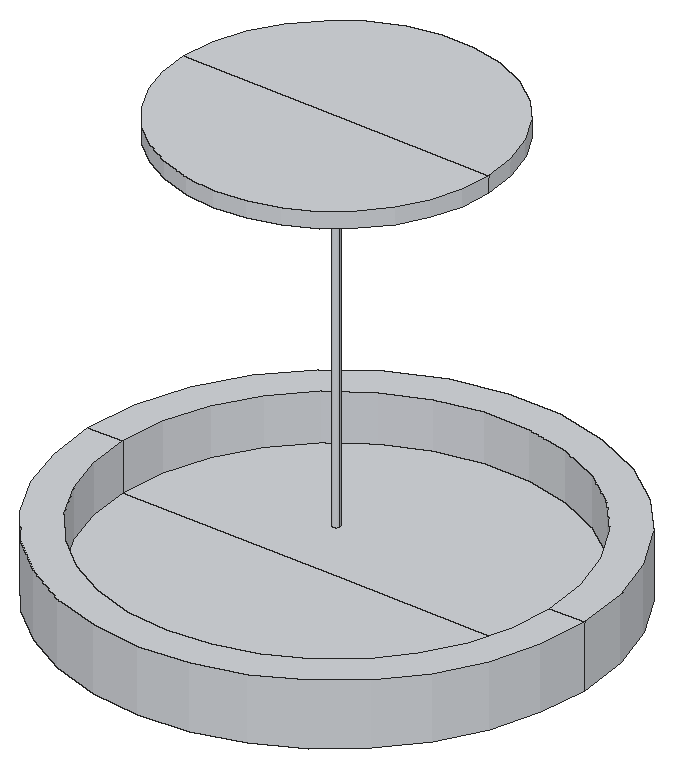
Revit family "Alcon-12182-P-7-Revit-Family", category Lighting Fixtures, host Ceiling, Revit 2021
Family settings
  Host = Ceiling
  Round Connector Dimension = Use Diameter
  Part Type = Normal
  Always vertical = Yes
  Cut with Voids When Loaded = No
  Light Source = Yes
  Shared = No
  Room Calculation Point = No
Parameters
  Wattage = 9.2903 W
  built-in parameter 1150110 = 1 (stored number, unit not read)
  built-in parameter 1114217 = 1 (stored number, unit not read)
  built-in parameter 1150109 = 1 (stored number, unit not read)
  built-in parameter 1150134 = 3
  built-in parameter 1150113 = 1 (stored number, unit not read)
  Product Identity = "Alcon Lighting 12182-P-7"
  Manufacturer = "Alcon Light"
  built-in parameter 1150105 = 439.27 (stored number, unit not read)
  Lumens = 1380 lm
  built-in parameter 1150115 = 1 (stored number, unit not read)
  Link To Product Page = "https://www.alconlighting.com/12182-p-7-disk-round-pendant.html"
  Light Source Symbol Size = 0' - 7"
  built-in parameter 1150137 = (empty or 0)
  built-in parameter 1150139 = (empty or 0)
  Lens = none
  built-in parameter 1150112 = 1 (stored number, unit not read)
  built-in parameter 1150114 = 1 (stored number, unit not read)
  built-in parameter 1150132 = (empty or 0)
  built-in parameter 1150102 = (empty or 0)
  built-in parameter 1150107 = 3200 (stored number, unit not read)
  built-in parameter 1150138 = (empty or 0)
  built-in parameter 1150106 = 4.3927 (stored number, unit not read)
  Housing = none
  Height = 0' - 6"
  Emit from Circle Diameter = 0' - 7"
  Emit Shape Visible in Rendering = no
  built-in parameter 1150104 = 13.8 (stored number, unit not read)
  Dimming Lamp Color Temperature Shift = (empty or 0)
  Default Elevation = 0' - 0"
  Color Filter = 16777215
  built-in parameter 1114218 = 1 (stored number, unit not read)
  built-in parameter 1150133 = 10 (stored number, unit not read)
Reference planes (in)
  plane 1 "Center (Front/Back)": y = 0
  plane 2 "Ceiling": z = 96
  plane 3 "Center (Left/Right)": x = 0
Forms (in)
  Revolve 1, solid, material <- "Lens"
    sketch origin (0, 0, -6) x (1, 0, 0) y (0, 0, 1)
      loop
        line (0, 95.25) -> (0, 95) -> (3.5, 95) -> (3.5, 95.25) -> (0, 95.25)
      axis (0, 95) -> (0, 95.25)
    angle from 0 to 360
  Revolve 2, solid, material <- "Housing"
    sketch origin (0, 0, -6) x (1, 0, 0) y (0, 0, 1)
      loop
        line (4.0625, 96) -> (3.5, 96) -> (3.5, 95) -> (4.0625, 95) -> (4.0625, 96)
      axis (0, 95) -> (0, 96)
    angle from 0 to 360
  Revolve 3, solid, material <- "Housing"
    sketch origin (0, 0, 0) x (1, 0, 0) y (0, 0, 1)
      loop
        line (0, 96) -> (0, 90) -> (0.06066, 90) -> (0.06066, 95.37025) -> (0.15257, 95.37025) -> (0.15257, 95.75) -> (2.5, 95.75) -> (2.5, 96) -> (0, 96)
      axis (0, 90) -> (0, 96)
    angle from 0 to 360
Dimensions and locks (in)
  equal spacing: host sketch curve, plane 3 "Center (Left/Right)", host sketch curve
  equal spacing: host sketch curve, plane 1 "Center (Front/Back)", host sketch curve
  host sketch curve to host sketch curve = 10' - 0"  (x2)
  "Height": plane 2 "Ceiling" to Revolve 2
  locked: Revolve 1 sketch curve to Revolve 1 sketch curve at 0.25
  aligned and locked: imposter light to Revolve 2
  aligned and locked: Revolve 2 to Revolve 3
  aligned and locked: Revolve 2 to Revolve 1
Automatic sketch dimensions
  plane 3 "Center (Left/Right)" to Revolve 2 sketch curve = 0' - 3 1/2"
  Revolve 2 sketch curve to Revolve 2 sketch curve = 0' - 0 9/16"
  Revolve 2 sketch curve to plane 2 "Ceiling" = 0' - 7"
  Revolve 2 sketch curve to Revolve 2 sketch curve = 0' - 1"
  Revolve 2 sketch curve to Revolve 2 sketch curve = 0' - 3 1/2"
  Revolve 2 sketch curve to Revolve 2 sketch curve = 0' - 0"
  Revolve 2 sketch curve to Revolve 2 sketch curve = 0' - 0 3/4"
  Revolve 3 sketch curve to plane 2 "Ceiling" = 0' - 0"  (x2)
  Revolve 3 sketch curve to plane 3 "Center (Left/Right)" = 0' - 0"  (x2)
  plane 3 "Center (Left/Right)" to Revolve 3 sketch curve = 0' - 2 1/2"
  plane 3 "Center (Left/Right)" to Revolve 3 sketch curve = 0' - 0.06066"
  Revolve 3 sketch curve to Revolve 3 sketch curve = 0' - 0.09191"
  Revolve 3 sketch curve to plane 2 "Ceiling" = 0' - 0 1/4"
  Revolve 3 sketch curve to Revolve 3 sketch curve = 0' - 0.37975"
  Revolve 3 sketch curve to Revolve 3 sketch curve = 0' - 5.37025"
  Revolve 3 sketch curve to Revolve 3 sketch curve = 0' - 0 1/2"
  plane 3 "Center (Left/Right)" to Revolve 1 sketch curve = 0' - 0"
  Revolve 1 sketch curve to Revolve 1 sketch curve = 0' - 3 1/2"
  Revolve 1 sketch curve to plane 2 "Ceiling" = 0' - 7"
  Revolve 1 sketch curve to Revolve 1 sketch curve = 0' - 0"
  Revolve 1 sketch curve to Revolve 1 sketch curve = 0' - 0 1/4"
  Revolve 1 sketch curve to Revolve 1 sketch curve = 0' - 0 3/4"
